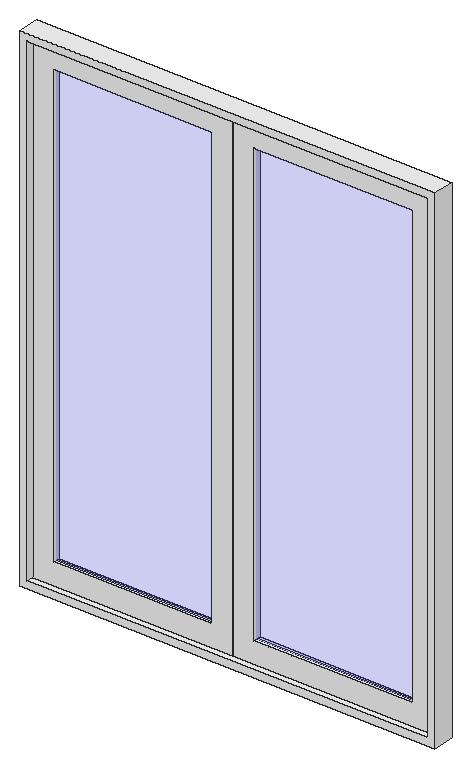
Revit family "CUA SO 2 CANH NHOM KINH O O THOANG", category Windows, host Wall, Revit 2025
Family settings
  Host = Wall
  Always vertical = Yes
  Cut with Voids When Loaded = No
  Shared = No
  Room Calculation Point = No
Parameters (values of type "S1_1500x1800")
  Type Comments = ""
  KINH = 5 mm
  Height = 1800 mm
  Define Thermal Properties by = Schematic Type
  Default Sill Height = 750 mm
  TrimProjection = 25 mm
  Wall Closure = By host
  Width = 1500 mm
  Assembly Code = ""
  Analytic Construction = "<None>"
  25 = 25 mm
  CAO CÁNH = 1800 mm
  76 = 76 mm
Types (7, lengths in mm): name | Type Comments | Height | Default Sill Height | Width | CAO CÁNH
  S1_1500x1800 | "" | 1800 | 750 | 1500 | 1800
  S4_1500x1400 | "" | 1400 | 800 | 1500 | 1300
  K3_3100x2100 | "" | 2100 | 800 | 3100 | 1300
  S1_1500x1400 | "" | 1300 | 800 | 1500 | 1300
  CUA SO 2 CANH NHOM KINH O O THOANG 2 | "CỬA PA NÔ THÉP KÍNH" | 1500 | 800 | 900 | 1500
  S2 | "" | 1200 | 800 | 1200 | 1200
  CUA SO 2 CANH NHOM KINH O O THOANG | "CỬA PA NÔ THÉP KÍNH (LÀM MỚI)" | 1300 | 800 | 1200 | 1300
Reference planes
  plane 1: y = 0
  plane 2 "Center (Left/Right)": x = 0
  plane 3 "Left": x = -750
  plane 4 "Right": x = 750
  plane 5 "Sill": z = 750
  plane 6 "Head": z = 2550
  plane 7 "Exterior": y = 75
  plane 8 "Interior": y = -75
  plane 9: z = 2550
Forms (mm)
  Extrusion 1, solid, material "NHÔM HỘP 2Ẽ76X1"
    sketch origin (0, 75, 0) x (1, 0, 0) y (0, 0, 1)
      loop
        line (-750, 750) -> (750, 750) -> (750, 2550) -> (-750, 2550) -> (-750, 750)
      loop
        line (-725, 775) -> (725, 775) -> (725, 2525) -> (-725, 2525) -> (-725, 775)
    from 37 to 113
  Extrusion 2, solid, material "NHÔM HỘP 2Ẽ76X1"
    sketch origin (0, 75, 0) x (1, 0, 0) y (0, 0, 1)
      loop
        line (-725, 775) -> (0, 775) -> (0, 2525) -> (-725, 2525) -> (-725, 775)
      loop
        line (-649, 851) -> (-76, 851) -> (-76, 2449) -> (-649, 2449) -> (-649, 851)
    from 62.5 to 87.5
  Extrusion 3, solid, material "NHÔM HỘP 2Ẽ76X1"
    sketch origin (0, 75, 0) x (1, 0, 0) y (0, 0, 1)
      loop
        line (0, 775) -> (725, 775) -> (725, 2525) -> (0, 2525) -> (0, 775)
      loop
        line (76, 851) -> (649, 851) -> (649, 2449) -> (76, 2449) -> (76, 851)
    from 62.5 to 87.5
  Extrusion 4, solid, material "Glass"
    sketch origin (0, 75, 0) x (1, 0, 0) y (0, 0, 1)
      loop
        line (-649, 851) -> (-76, 851) -> (-76, 2449) -> (-649, 2449) -> (-649, 851)
      loop
        line (76, 851) -> (649, 851) -> (649, 2449) -> (76, 2449) -> (76, 851)
    from 72.5 to 77.5
Lines and regions (mm)
  Opening 1
    outline origin (3500, -75, 0) x (1, 0, 0) y (0, 0, 1)
      loop
        line (-2750, 750) -> (-2750, 2550) -> (-4250, 2550) -> (-4250, 750) -> (-2750, 750)
  Masking region 1
    outline origin (0, 0, 0) x (1, 0, 0) y (0, 1, 0)
  reference lines
    curve 1: line (892.835, 75, 1350) -> (-947.165, 75, 1350)
    curve 2: line (931.155, 75, 1950) -> (-947.165, 75, 1950)
  symbolic lines
    curve 3: line (0, 75, 2550) -> (0, 75, 750)
    curve 4: line (0, 75, 2550) -> (0, 75, 2575)
  symbolic lines, style "InvisibleLines"
    curve 5: line (0, 62.5, 2550) -> (750, 62.5, 1500)
    curve 6: line (750, 62.5, 1500) -> (0, 62.5, 750)
    curve 7: line (0, 62.5, 750) -> (-750, 62.5, 1500)
    curve 8: line (-750, 62.5, 1500) -> (0, 62.5, 2550)
Text (mm)
  text "EXTERIOR" at (-1981.535, 863.181, 0), in view "Ref. Level"
  text "INTERIOR" at (-2017.992, -707.606, 0), in view "Ref. Level"
  text "Exterior" at (0, 923.751, 2943.296), in view "Right"
  text "Exterior" at (0, 1019.841, 2788.626), in view "Left"
Dimensions and locks
  equal spacing: plane 3 "Left", plane 2 "Center (Left/Right)", plane 4 "Right"
  "Width": plane 3 "Left" to plane 4 "Right"
  "Height": plane 5 "Sill" to plane 6 "Head"
  "Default Sill Height": plane 5 "Sill" to level
  locked: plane 7 "Exterior" to host wall
  locked: plane 8 "Interior" to host wall
  "CAO CÁNH": plane 5 "Sill" to plane 9
  equal spacing: plane 5 "Sill", curve 1, curve 2, plane 9
Automatic sketch dimensions
  Opening 1 sketch curve to plane 3 "Left" = 0 mm
  Opening 1 sketch curve to plane 4 "Right" = 0 mm
  Opening 1 sketch curve to plane 5 "Sill" = 0 mm
  Opening 1 sketch curve to plane 6 "Head" = 0 mm
  plane 3 "Left" to curve 1 = 197.165 mm
  plane 3 "Left" to curve 2 = 197.165 mm
  curve 1 to plane 4 "Right" = 142.835 mm
  curve 2 to plane 4 "Right" = 181.155 mm
  curve 4 to plane 2 "Center (Left/Right)" = 0 mm
  curve 3 to plane 5 "Sill" = 0 mm
  curve 4 to plane 6 "Head" = 0 mm
  curve 3 to curve 4 = 25 mm
  curve 5 to plane 4 "Right" = 0 mm
  curve 6 to plane 2 "Center (Left/Right)" = 0 mm
  curve 5 to plane 2 "Center (Left/Right)" = 0 mm
  curve 7 to plane 3 "Left" = 0 mm
  curve 6 to plane 5 "Sill" = 0 mm
  curve 8 to plane 9 = 0 mm
  curve 6 to plane 5 "Sill" = 750 mm
  curve 7 to plane 5 "Sill" = 750 mm
  curve 3 to plane 2 "Center (Left/Right)" = 0 mm
  curve 3 to plane 6 "Head" = 0 mm
  plane 3 "Left" to Extrusion 1 sketch curve = 0 mm
  plane 4 "Right" to Extrusion 1 sketch curve = 0 mm
  Extrusion 1 sketch curve to plane 5 "Sill" = 0 mm
  Extrusion 1 sketch curve to plane 6 "Head" = 0 mm
  Extrusion 1 sketch curve to plane 3 "Left" = 25 mm
  plane 4 "Right" to Extrusion 1 sketch curve = 25 mm
  Extrusion 1 sketch curve to plane 5 "Sill" = 25 mm
  plane 6 "Head" to Extrusion 1 sketch curve = 25 mm
  Extrusion 2 sketch curve to plane 2 "Center (Left/Right)" = 0 mm
  Extrusion 2 sketch curve to plane 2 "Center (Left/Right)" = 76 mm
  Extrusion 2 sketch curve to plane 3 "Left" = 101 mm
  Extrusion 2 sketch curve to plane 3 "Left" = 25 mm
  Extrusion 2 sketch curve to plane 5 "Sill" = 25 mm
  Extrusion 2 sketch curve to plane 5 "Sill" = 101 mm
  plane 6 "Head" to Extrusion 2 sketch curve = 101 mm
  plane 6 "Head" to Extrusion 2 sketch curve = 25 mm
  Extrusion 3 sketch curve to plane 2 "Center (Left/Right)" = 0 mm
  plane 2 "Center (Left/Right)" to Extrusion 3 sketch curve = 76 mm
  plane 4 "Right" to Extrusion 3 sketch curve = 101 mm
  plane 4 "Right" to Extrusion 3 sketch curve = 25 mm
  Extrusion 3 sketch curve to plane 5 "Sill" = 25 mm
  Extrusion 3 sketch curve to plane 5 "Sill" = 101 mm
  plane 6 "Head" to Extrusion 3 sketch curve = 101 mm
  plane 6 "Head" to Extrusion 3 sketch curve = 25 mm
  Extrusion 4 sketch curve to plane 3 "Left" = 101 mm
  Extrusion 4 sketch curve to plane 2 "Center (Left/Right)" = 76 mm
  plane 2 "Center (Left/Right)" to Extrusion 4 sketch curve = 76 mm
  plane 4 "Right" to Extrusion 4 sketch curve = 101 mm
  Extrusion 4 sketch curve to plane 5 "Sill" = 101 mm  (x2)
  plane 6 "Head" to Extrusion 4 sketch curve = 101 mm  (x2)
